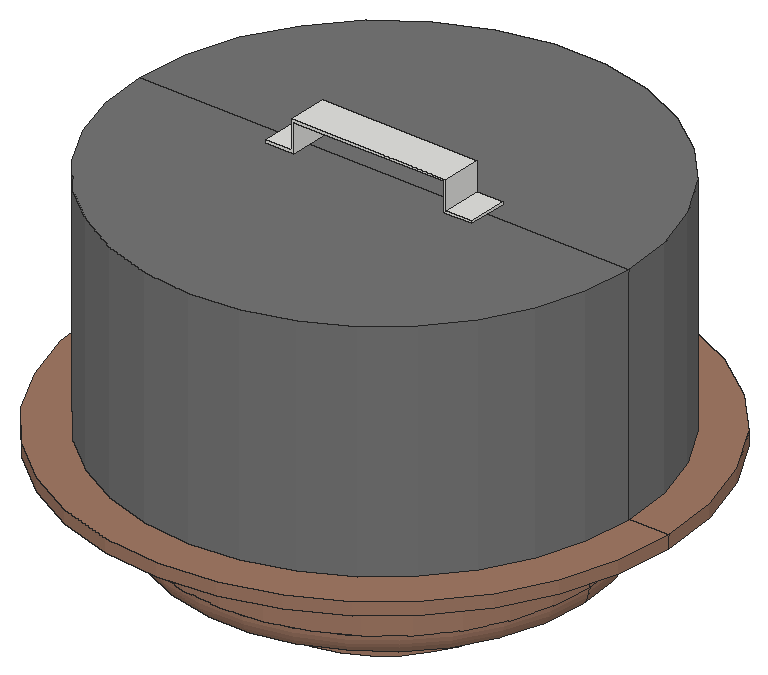
Revit family "Drain-Green_Roof-Jay R. Smith-Round_Type-1937_Series", category Plumbing Fixtures, Revit 2021
Family settings
  Round Connector Dimension = Use Radius
  Part Type = Normal
  OmniClass Number = 23.70.50.21.24.11
  OmniClass Title = Roof Waste Water Drains
  Work Plane-Based = Yes
  Always vertical = Yes
  Cut with Voids When Loaded = No
  Shared = No
  Room Calculation Point = No
Parameters (values of type "1937T06")
  Waste Connection = yes
  Vent Connection = no
  URL = "http://www.jrsmith.com"
  U - Vandal Proof = no
  SSM - Standpipe Covered with Stainless Steel Mesh = no
  SP2, -SP3 or -SP4 - Internal Waterdam Standpipe = no
  RDP - Roof Deck Plate = no
  RBD - Rough Bronze Dome = no
  Product Page URL = "https://www.jrsmith.com/green-roof-planter-drain-1937"
  Product Documentation Link = "https://www.jrsmith.com/uploads/fileLibrary/d1937.pdf"
  Perforated Gravel Stop Height = 6"
  E Diameter = 11"
  D - Overall Diameter = 15 1/4"
  Outlet Radius = Outlet Diameter / 2  # 3"
  Outlet Diameter = 6"
  Model = "1937T06"
  Material = "Cast Iron-Jay R Smith-Duco Coated"  # constant formula
  Manufacturer = "Jay R. Smith"  # constant formula
  LXH - Speedi-Set Extra Heavy - 02"(50), 03"(75) & 04"(100) sizes only = no
  L - Speedi-Set Service Weight - 02"(50), 03"(75) & 04"(100) sizes only = no
  Installation Type = "Roof Mounted"  # constant formula
  HW Connection = no
  G - Galvanized Cast Iron Body & Collar = no
  E - Extension (specify height) = no
  Dome Material = PVC-Jay R Smith-White
  Dome Cover Material = Metal-Jay R Smith-Stainless Steel
  Description = "Green Roof Planter Drain"  # constant formula
  CIDG - Galvanized Cast Iron Dome = no
  CID - Cast Iron Dome = no
  Bottom Depth B = 3 3/4"
  Default Elevation = 0"
  Creation Date = "03/20/2024"  # constant formula
  Connection Description = "6\" Threaded Outlet Connection"
  CW Connection = no
  Body Material = Cast Iron-Jay R Smith-Duco Coated
  Assembly Code = "D2040200"
  AE - Adjustable Extension = no
  AD - Aluminum Dome = no
  316SS - All Type 316 Stainless Steel = no
  304SS - All Type 304 Stainless Steel = no
Types (21): name | E Diameter | D - Overall Diameter | Outlet Radius | Outlet Diameter | Model | Bottom Depth B | Connection Description
  1937Y02 | 11" | 15 1/4" | 1" | 2" | "1937Y02" | 5" | "2\" No-HUB Outlet Connection"
  1937Y03 | 11" | 15 1/4" | 1 1/2" | 3" | "1937Y03" | 5" | "3\" No-HUB Outlet Connection"
  1937Y04 | 11" | 15 1/4" | 2" | 4" | "1937Y04" | 5" | "4\" No-HUB Outlet Connection"
  1937Y05 | 11" | 15 1/4" | 2 1/2" | 5" | "1937Y05" | 5" | "5\" No-HUB Outlet Connection"
  1937Y06 | 11" | 15 1/4" | 3" | 6" | "1937Y06" | 5" | "6\" No-HUB Outlet Connection"
  1937Y08 | 16" | 20" | 4" | 8" | "1937Y08" | 7 3/4" | "8\" No-HUB Outlet Connection"
  1937Y10 | 16" | 20" | 5" | 10" | "1937Y10" | 7 3/4" | "10\" No-HUB Outlet Connection"
  1937C02 | 11" | 15 1/4" | 1" | 2" | "1937C02" | 5" | "2\" Caulk Outlet Connection"
  1937C03 | 11" | 15 1/4" | 1 1/2" | 3" | "1937C03" | 5" | "3\" Caulk Outlet Connection"
  1937C04 | 11" | 15 1/4" | 2" | 4" | "1937C04" | 5" | "4\" Caulk Outlet Connection"
  1937C05 | 11" | 15 1/4" | 2 1/2" | 5" | "1937C05" | 5" | "5\" Caulk Outlet Connection"
  1937C06 | 11" | 15 1/4" | 3" | 6" | "1937C06" | 5" | "6\" Caulk Outlet Connection"
  1937C08 | 16" | 20" | 4" | 8" | "1937C08" | 7 3/4" | "8\" Caulk Outlet Connection"
  1937C10 | 16" | 20" | 5" | 10" | "1937C10" | 7 3/4" | "10\" Caulk Outlet Connection"
  1937T02 | 11" | 15 1/4" | 1" | 2" | "1937T02" | 3 3/4" | "2\" Threaded Outlet Connection"
  1937T03 | 11" | 15 1/4" | 1 1/2" | 3" | "1937T03" | 3 3/4" | "3\" Threaded Outlet Connection"
  1937T04 | 11" | 15 1/4" | 2" | 4" | "1937T04" | 3 3/4" | "4\" Threaded Outlet Connection"
  1937T05 | 11" | 15 1/4" | 2 1/2" | 5" | "1937T05" | 3 3/4" | "5\" Threaded Outlet Connection"
  1937T06 | 11" | 15 1/4" | 3" | 6" | "1937T06" | 3 3/4" | "6\" Threaded Outlet Connection"
  1937T08 | 16" | 20" | 4" | 8" | "1937T08" | 7 3/4" | "8\" Threaded Outlet Connection"
  1937T10 | 16" | 20" | 5" | 10" | "1937T10" | 7 3/4" | "10\" Threaded Outlet Connection"
Reference planes (in)
  plane 1 "Center (Front/Back)": y = 0
  plane 2: z = 0
  plane 3 "Center (Left/Right)": x = -0.54782
  plane 4: z = 0
  plane 5: x = 4.95218
  plane 6: z = 6
  plane 7: x = -8.17282
  plane 8: x = 7.07718
  plane 9: x = -7.11032
  plane 10: x = 6.01468
  plane 11: x = -6.04782
  plane 12: x = 4.95218
  plane 13: z = -3.75
Forms (in)
  Revolve 1, solid, material "Stainless Steel-Jay R Smith-Perforated"
    sketch origin (-0.54782, 0, 0) x (1, 0, 0) y (0, 0, 1)
      loop
        line (-6.5625, 6) -> (-6.5625, 0) -> (-6.43087, 0) -> (-6.43087, 5.868) -> (0, 5.868) -> (0, 6) -> (-6.5625, 6)
      axis (0, 6) -> (0, 0)
    angle from 0 to 360
  Revolve 2, solid, material "Cast Iron-Jay R Smith-Duco Coated"
    sketch origin (0, 0, 6) x (1, 0, 0) y (0, 0, 1)
      loop
        line (-3.54782, -9.75) -> (-3.54782, -6) -> (-3.79782, -6) -> (-3.79782, -9.75) -> (-3.54782, -9.75)
      axis (-0.54782, -6) -> (-0.54782, -9.75)
    angle from 0 to 360
  Revolve 3, solid, material "Cast Iron-Jay R Smith-Duco Coated"
    sketch origin (0, 0, 6) x (1, 0, 0) y (0, 0, 1)
      loop
        line (-0.54782, -6) -> (-8.17282, -6) -> (-8.17282, -6.33608) -> (-6.21642, -7.00972)
        arc (-6.21642, -7.00972) -> (-6.09429, -7.10093) -> (-6.04782, -7.2461) r 0.25
        line (-6.04782, -7.2461) -> (-6.04782, -8.01891)
        arc (-6.04782, -8.01891) -> (-5.86308, -8.46491) -> (-5.41708, -8.64965) r 0.63074
        line (-5.41708, -8.64965) -> (-5.22886, -8.64965)
        arc (-5.22886, -8.64965) -> (-5.13749, -8.87022) -> (-4.91693, -8.96158) r 0.31193
        line (-4.91693, -8.96158) -> (-0.54782, -8.96158) -> (-0.54782, -6)
      axis (-0.54782, -6) -> (-0.54782, -8.96158)
    angle from 0 to 360
  Extrusion 4, solid, material "Metal-Jay R Smith-Stainless Steel"
    sketch origin (0, 0, 0) x (1, 0, 0) y (0, 0, 1)
      loop
        line (1.45218, 6.75) -> (1.45218, 6) -> (2.20218, 6) -> (2.20218, 6.0625) -> (1.51468, 6.0625) -> (1.51468, 6.8125) -> (-2.61032, 6.8125) -> (-2.61032, 6.0625) -> (-3.29782, 6.0625) -> (-3.29782, 6) -> (-2.54782, 6) -> (-2.54782, 6.75) -> (1.45218, 6.75)
    from 0.52079 to -0.51582
Dimensions and locks (in)
  locked: Revolve 2 sketch curve to Revolve 2 sketch curve at 0.25
  Revolve 3 sketch curve to Revolve 3 sketch curve to Revolve 3 sketch curve to Revolve 3 sketch curve to Revolve 3 sketch curve to Revolve 3 sketch curve = 0.67364" locked, 0.23638" locked, 0.77281" locked, 0.63074" locked, 0.31193" locked
  "D - Overall Diameter": plane 7 to plane 8
  plane 9 to plane 10 = 13 1/8"
  "E Diameter": plane 12 to plane 11
  "Perforated Gravel Stop Height": plane 6 to level
  "Bottom Depth B": level to plane 13
  "Outlet Radius": plane 3 "Center (Left/Right)" to Revolve 2 sketch curve
  locked: Revolve 1 sketch curve to Revolve 1 sketch curve at 0.132
  locked: Revolve 1 sketch curve to Revolve 1 sketch curve at 0.13163
  equal spacing: plane 7, plane 3 "Center (Left/Right)", plane 8
  equal spacing: plane 12, plane 3 "Center (Left/Right)", plane 11
  aligned and locked: Revolve 2 sketch curve to plane 3 "Center (Left/Right)"
  aligned and locked: plane 6 to Revolve 1 sketch curve
  aligned and locked: Revolve 1 sketch curve to plane 3 "Center (Left/Right)"
  aligned and locked: plane 3 "Center (Left/Right)" to Revolve 1 sketch curve
  aligned and locked: plane 9 to Revolve 1 sketch curve
Automatic sketch dimensions
  Revolve 1 sketch curve to level = 0"
  Revolve 1 sketch curve to Revolve 1 sketch curve = 3/4"
  Revolve 1 sketch curve to Revolve 1 sketch curve = 1/2"
  plane 7 to Revolve 3 sketch curve = 0"
  Revolve 3 sketch curve to plane 11 = 0"
  Revolve 3 sketch curve to level = 0"
  Revolve 3 sketch curve to plane 3 "Center (Left/Right)" = 0"  (x2)
  Revolve 3 sketch curve to Revolve 3 sketch curve = 1/4"
  Revolve 3 sketch curve to Revolve 3 sketch curve = 0.18822"
  Revolve 3 sketch curve to level = 0.33608"
  Revolve 3 sketch curve to Revolve 3 sketch curve = 0.28842"
  level to Revolve 3 sketch curve = 2 3/4"
  Revolve 2 sketch curve to plane 13 = 0"
  Revolve 2 sketch curve to level = 0"
  plane 13 to Revolve 2 sketch curve = 1 3/4"
  Revolve 2 sketch curve to plane 6 = 3/4"
  Extrusion 4 sketch curve to plane 6 = 0"  (x2)
  plane 6 to Extrusion 4 sketch curve = 1/16"  (x2)
  Extrusion 4 sketch curve to plane 3 "Center (Left/Right)" = 2 3/4"
  Extrusion 4 sketch curve to Extrusion 4 sketch curve = 11/16"  (x2)
  Extrusion 4 sketch curve to Extrusion 4 sketch curve = 1/16"  (x3)
  plane 6 to Extrusion 4 sketch curve = 3/4"
  plane 3 "Center (Left/Right)" to Extrusion 4 sketch curve = 2"
Nested families (in)
  nested 1: "DOME-1" at (-0.54782, 0, 0) x (0, 1, 0) z (0, 0, 1), type "Dome"
Connectors (in)
  piping at (-0.54782, 0, -3.75), diameter 6, driven by "Outlet Radius", driven by "Connection Description"
    settings: on Revolve 2, index 1, connector inside diameter 24", connector length 0", flow factor 0, pipe flow 0 GPM, pressure drop 0.00 psi, fitting loss kfactor 0, connector angle 0.00°, fixture units 0, engagement length 0", angle of deflection 0.00°, flow configuration 0, flow direction 2, fitting loss method 0, system type 16, joint type 0, gender type 0, connector reference index -1, connector utility 0, adjustable connector no, is connector primary yes, connector description "6\" Threaded Outlet Connection"
Definition of nested family "DOME-1"
  Parameters (values of type "Dome")
    Waste Connection = yes
    WFU = 0
    Vent Connection = no
    URL = ""
    Model = "Dome"
    Manufacturer = ""
    HW Connection = no
    Finish = none
    Description = ""
    Default Elevation = 0"
    Connection Radius = 2"
    CW Connection = no
  Reference planes (in)
    plane 1 "Center (Front/Back)": y = 0
    plane 2: z = 0
    plane 3 "Center (Left/Right)": x = 0
    plane 4: through (1.15564, -4.31289, 48) normal (0.9659, 0.2588, 0)
    plane 5: through (-1.15564, -4.31289, 48) normal (0.9659, -0.2588, 0)
    plane 6: through (-1.15564, -4.31289, 48) normal (0.9659, -0.2588, 0)
    plane 7: through (1.15564, 4.31289, 48) normal (-0.9659, 0.2588, 0)
    plane 8: through (-1.15564, 4.31289, 48) normal (-0.9659, -0.2588, 0)
    plane 9: through (2.23252, -3.86683, 48) normal (0.866, 0.5, 0)
    plane 10: through (2.23252, 3.86683, 48) normal (-0.866, 0.5, 0)
    plane 11: through (-3.15726, 3.15726, 48) normal (-0.7071, -0.7071, 0)
    plane 12: through (3.15726, 3.15726, 48) normal (-0.7071, 0.7071, 0)
    plane 13: through (-4.31289, 1.15564, 48) normal (-0.2588, -0.9659, 0)
    plane 14: through (3.86683, -2.23252, 48) normal (0.5, 0.866, 0)
    plane 15: through (4.31289, 1.15564, 48) normal (-0.2588, 0.9659, 0)
    plane 16: through (-3.86683, -2.23252, 48) normal (0.5, -0.866, 0)
    plane 17: through (0, 0, 48) normal (0.9914, 0.1305, 0)
    plane 18: z = 4.5
    plane 19: z = 5.66494
  Forms (in)
    Extrusion 1, solid
      sketch origin (0, 0, 0) x (1, 0, 0) y (0, 1, 0)
        loop
          line (-48, 48) -> (-48, -48) -> (48, -48) -> (48, 48) -> (-48, 48)
      from 0 to -12
    Extrusion 2, void
      sketch origin (0, 0, 5.875) x (1, 0, 0) y (0, 1, 0)
        loop
          arc (0.44843, -2.71319) -> (1.94454, -1.94454) -> (2.71319, -0.44843) r 2.75
          arc (2.71319, -0.44843) -> (2.60981, -0.30738) -> (2.46654, -0.40766) r 0.12503
          arc (2.46654, -0.40766) -> (1.76777, -1.76777) -> (0.40766, -2.46654) r 2.5
          arc (0.40766, -2.46654) -> (0.30738, -2.60981) -> (0.44843, -2.71319) r 0.12503
        loop
          arc (0.329, -1.97275) -> (1.41421, -1.41421) -> (1.97275, -0.329) r 2
          arc (1.97275, -0.329) -> (1.87186, -0.18543) -> (1.72678, -0.28413) r 0.12503
          arc (1.72678, -0.28413) -> (1.23744, -1.23744) -> (0.28413, -1.72678) r 1.75
          arc (0.28413, -1.72678) -> (0.18543, -1.87186) -> (0.329, -1.97275) r 0.12503
        loop
          arc (0.20562, -1.23297) -> (0.88388, -0.88388) -> (1.23297, -0.20562) r 1.25
          arc (1.23297, -0.20562) -> (1.12842, -0.06144) -> (0.98577, -0.16809) r 0.12503
          arc (0.98577, -0.16809) -> (0.70453, -0.70968) -> (0.16091, -0.98697) r 1
          arc (0.16091, -0.98697) -> (0.06204, -1.132) -> (0.20562, -1.23297) r 0.12503
        loop
          arc (0.57072, -3.45315) -> (2.47487, -2.47487) -> (3.45315, -0.57072) r 3.5
          arc (3.45315, -0.57072) -> (3.34977, -0.42968) -> (3.2065, -0.52996) r 0.12503
          arc (3.2065, -0.52996) -> (2.2981, -2.2981) -> (0.52996, -3.2065) r 3.25
          arc (0.52996, -3.2065) -> (0.42968, -3.34977) -> (0.57072, -3.45315) r 0.12503
        loop
          arc (0.44843, 2.71319) -> (0.30738, 2.60981) -> (0.40766, 2.46654) r 0.12503
          arc (0.40766, 2.46654) -> (1.76777, 1.76777) -> (2.46654, 0.40766) r 2.5
          arc (2.46654, 0.40766) -> (2.60981, 0.30738) -> (2.71319, 0.44843) r 0.12503
          arc (2.71319, 0.44843) -> (1.94454, 1.94454) -> (0.44843, 2.71319) r 2.75
        loop
          arc (0.329, 1.97275) -> (0.18543, 1.87186) -> (0.28413, 1.72678) r 0.12503
          arc (0.28413, 1.72678) -> (1.23744, 1.23744) -> (1.72678, 0.28413) r 1.75
          arc (1.72678, 0.28413) -> (1.87186, 0.18543) -> (1.97275, 0.329) r 0.12503
          arc (1.97275, 0.329) -> (1.41421, 1.41421) -> (0.329, 1.97275) r 2
        loop
          arc (0.20562, 1.23297) -> (0.06204, 1.132) -> (0.16091, 0.98697) r 0.12503
          arc (0.16091, 0.98697) -> (0.70453, 0.70968) -> (0.98577, 0.16809) r 1
          arc (0.98577, 0.16809) -> (1.12842, 0.06144) -> (1.23297, 0.20562) r 0.12503
          arc (1.23297, 0.20562) -> (0.88388, 0.88388) -> (0.20562, 1.23297) r 1.25
        loop
          arc (0.57072, 3.45315) -> (0.42968, 3.34977) -> (0.52996, 3.2065) r 0.12503
          arc (0.52996, 3.2065) -> (2.2981, 2.2981) -> (3.2065, 0.52996) r 3.25
          arc (3.2065, 0.52996) -> (3.34977, 0.42968) -> (3.45315, 0.57072) r 0.12503
          arc (3.45315, 0.57072) -> (2.47487, 2.47487) -> (0.57072, 3.45315) r 3.5
        loop
          arc (-0.44843, -2.71319) -> (-0.30738, -2.60981) -> (-0.40766, -2.46654) r 0.12503
          arc (-0.40766, -2.46654) -> (-1.76777, -1.76777) -> (-2.46654, -0.40766) r 2.5
          arc (-2.46654, -0.40766) -> (-2.60981, -0.30738) -> (-2.71319, -0.44843) r 0.12503
          arc (-2.71319, -0.44843) -> (-1.94454, -1.94454) -> (-0.44843, -2.71319) r 2.75
        loop
          arc (-0.329, -1.97275) -> (-0.18543, -1.87186) -> (-0.28413, -1.72678) r 0.12503
          arc (-0.28413, -1.72678) -> (-1.23744, -1.23744) -> (-1.72678, -0.28413) r 1.75
          arc (-1.72678, -0.28413) -> (-1.87186, -0.18543) -> (-1.97275, -0.329) r 0.12503
          arc (-1.97275, -0.329) -> (-1.41421, -1.41421) -> (-0.329, -1.97275) r 2
        loop
          arc (-0.20562, -1.23297) -> (-0.06204, -1.132) -> (-0.16091, -0.98697) r 0.12503
          arc (-0.16091, -0.98697) -> (-0.70453, -0.70968) -> (-0.98577, -0.16809) r 1
          arc (-0.98577, -0.16809) -> (-1.12842, -0.06144) -> (-1.23297, -0.20562) r 0.12503
          arc (-1.23297, -0.20562) -> (-0.88388, -0.88388) -> (-0.20562, -1.23297) r 1.25
        loop
          arc (-0.57072, -3.45315) -> (-0.42968, -3.34977) -> (-0.52996, -3.2065) r 0.12503
          arc (-0.52996, -3.2065) -> (-2.2981, -2.2981) -> (-3.2065, -0.52996) r 3.25
          arc (-3.2065, -0.52996) -> (-3.34977, -0.42968) -> (-3.45315, -0.57072) r 0.12503
          arc (-3.45315, -0.57072) -> (-2.47487, -2.47487) -> (-0.57072, -3.45315) r 3.5
        loop
          arc (-0.44843, 2.71319) -> (-1.94454, 1.94454) -> (-2.71319, 0.44843) r 2.75
          arc (-2.71319, 0.44843) -> (-2.60981, 0.30738) -> (-2.46654, 0.40766) r 0.12503
          arc (-2.46654, 0.40766) -> (-1.76777, 1.76777) -> (-0.40766, 2.46654) r 2.5
          arc (-0.40766, 2.46654) -> (-0.30738, 2.60981) -> (-0.44843, 2.71319) r 0.12503
        loop
          arc (-0.329, 1.97275) -> (-1.41421, 1.41421) -> (-1.97275, 0.329) r 2
          arc (-1.97275, 0.329) -> (-1.87186, 0.18543) -> (-1.72678, 0.28413) r 0.12503
          arc (-1.72678, 0.28413) -> (-1.23744, 1.23744) -> (-0.28413, 1.72678) r 1.75
          arc (-0.28413, 1.72678) -> (-0.18543, 1.87186) -> (-0.329, 1.97275) r 0.12503
        loop
          arc (-0.20562, 1.23297) -> (-0.88388, 0.88388) -> (-1.23297, 0.20562) r 1.25
          arc (-1.23297, 0.20562) -> (-1.12842, 0.06144) -> (-0.98577, 0.16809) r 0.12503
          arc (-0.98577, 0.16809) -> (-0.70453, 0.70968) -> (-0.16091, 0.98697) r 1
          arc (-0.16091, 0.98697) -> (-0.06204, 1.132) -> (-0.20562, 1.23297) r 0.12503
        loop
          arc (-0.57072, 3.45315) -> (-2.47487, 2.47487) -> (-3.45315, 0.57072) r 3.5
          arc (-3.45315, 0.57072) -> (-3.34977, 0.42968) -> (-3.2065, 0.52996) r 0.12503
          arc (-3.2065, 0.52996) -> (-2.2981, 2.2981) -> (-0.52996, 3.2065) r 3.25
          arc (-0.52996, 3.2065) -> (-0.42968, 3.34977) -> (-0.57072, 3.45315) r 0.12503
      from -1.66198 to -0.25663
    Extrusion 3, void
      sketch origin (-0.43301, 0.25, -0.45132) x (0.5, 0.866025, 0) y (0, 0, 1)
        loop
          line (-0.1875, 0.59953) -> (0.1875, 0.59953) -> (0.1875, 4.66434) -> (-0.1875, 4.66434) -> (-0.1875, 0.59953)
      from -5.07939 to 6.07939
    Extrusion 4, void
      sketch origin (-0.12941, 0.48296, -0.45132) x (0.965926, 0.258819, 0) y (0, 0, 1)
        loop
          line (-0.1875, 0.59953) -> (0.1875, 0.59953) -> (0.1875, 4.66434) -> (-0.1875, 4.66434) -> (-0.1875, 0.59953)
      from -5.07939 to 6.07939
    Extrusion 5, void
      sketch origin (0.12941, 0.48296, -0.45132) x (-0.965926, 0.258819, 0) y (0, 0, -1)
        loop
          line (-0.1875, -0.59953) -> (-0.1875, -4.66434) -> (0.1875, -4.66434) -> (0.1875, -0.59953) -> (-0.1875, -0.59953)
      from -5.07939 to 6.07939
    Extrusion 6, void
      sketch origin (0.48296, 0.12941, -0.45132) x (-0.258819, 0.965926, 0) y (0, 0, -1)
        loop
          line (-0.1875, -0.59953) -> (-0.1875, -4.66434) -> (0.1875, -4.66434) -> (0.1875, -0.59953) -> (-0.1875, -0.59953)
      from -5.07939 to 6.07939
    Extrusion 7, void
      sketch origin (0.35355, 0.35355, -0.45132) x (0.707107, -0.707107, 0) y (0, 0, 1)
        loop
          line (-0.1875, 0.59953) -> (0.1875, 0.59953) -> (0.1875, 4.66434) -> (-0.1875, 4.66434) -> (-0.1875, 0.59953)
      from -5.07939 to 6.07939
    Extrusion 8, void
      sketch origin (0.5, 0, -0.45132) x (0, -1, 0) y (0, 0, 1)
        loop
          line (-0.1875, 0.59953) -> (0.1875, 0.59953) -> (0.1875, 4.66434) -> (-0.1875, 4.66434) -> (-0.1875, 0.59953)
      from -5.07939 to 6.07939
    Extrusion 9, void
      sketch origin (0.25, 0.43301, -0.45132) x (0.866025, -0.5, 0) y (0, 0, 1)
        loop
          line (-0.1875, 0.59953) -> (0.1875, 0.59953) -> (0.1875, 4.66434) -> (-0.1875, 4.66434) -> (-0.1875, 0.59953)
      from -5.07939 to 6.07939
    Extrusion 10, void
      sketch origin (0.48296, -0.12941, -0.45132) x (-0.258819, -0.965926, 0) y (0, 0, 1)
        loop
          line (-0.1875, 0.59953) -> (0.1875, 0.59953) -> (0.1875, 4.66434) -> (-0.1875, 4.66434) -> (-0.1875, 0.59953)
      from -5.07939 to 6.07939
    Extrusion 11, void
      sketch origin (-0.25, 0.43301, -0.45132) x (-0.866025, -0.5, 0) y (0, 0, -1)
        loop
          line (-0.1875, -0.59953) -> (-0.1875, -4.66434) -> (0.1875, -4.66434) -> (0.1875, -0.59953) -> (-0.1875, -0.59953)
      from -5.07939 to 6.07939
    Extrusion 12, void
      sketch origin (0.35355, -0.35355, -0.45132) x (0.707107, 0.707107, 0) y (0, 0, -1)
        loop
          line (-0.1875, -0.59953) -> (-0.1875, -4.66434) -> (0.1875, -4.66434) -> (0.1875, -0.59953) -> (-0.1875, -0.59953)
      from -5.07939 to 6.07939
    Extrusion 13, void
      sketch origin (0, 0.5, -0.45132) x (1, 0, 0) y (0, 0, 1)
        loop
          line (-0.1875, 0.59953) -> (0.1875, 0.59953) -> (0.1875, 4.66434) -> (-0.1875, 4.66434) -> (-0.1875, 0.59953)
      from -5.07939 to 6.07939
    Extrusion 14, void
      sketch origin (0.43301, 0.25, -0.45132) x (-0.5, 0.866025, 0) y (0, 0, -1)
        loop
          line (-0.1875, -0.59953) -> (-0.1875, -4.66434) -> (0.1875, -4.66434) -> (0.1875, -0.59953) -> (-0.1875, -0.59953)
      from -5.07939 to 6.07939
    Revolve 15, solid
      sketch origin (0, 0, 6.20508) x (1, 0, 0) y (0, 0, 1)
        loop
          line (4.96005, -6.20508) -> (5.02544, -6.20508) -> (4.11306, -2.25316)
          arc (4.11306, -2.25316) -> (3.86336, -1.8574) -> (3.42157, -1.70312) r 0.70968
          line (3.42157, -1.70312) -> (0, -1.70312) -> (0, -1.80663) -> (3.29898, -1.80663)
          arc (3.29898, -1.80663) -> (3.80423, -1.98308) -> (4.08981, -2.43569) r 0.81164
          line (4.08981, -2.43569) -> (4.96005, -6.20508)
        axis (0, -1.70312) -> (0, -6.20508)
      angle from 0 to 360
  Cuts and joins
    Extrusion 2, Extrusion 3, Extrusion 4, Extrusion 5, Extrusion 6, Extrusion 7, Extrusion 8, Extrusion 9, Extrusion 10, Extrusion 11, Extrusion 12, Extrusion 13, Extrusion 14 cuts Revolve 15
  Dimensions and locks (in)
    plane 18 to Extrusion 1 = 4 1/2"
    radius of Revolve 15 sketch curve = 0.81164"
    radius of Revolve 15 sketch curve = 0.70968"
    aligned and locked: plane 2 to Extrusion 1
    aligned and locked: level to Extrusion 1
    aligned and locked: Extrusion 13 to Extrusion 4
    aligned and locked: Extrusion 13 to Extrusion 11
    aligned and locked: Extrusion 12 to Extrusion 13
    aligned and locked: Extrusion 5 to Extrusion 13
    aligned and locked: Extrusion 13 to Extrusion 3
    aligned and locked: Extrusion 10 to Extrusion 13
    aligned and locked: Extrusion 8 to Extrusion 13
    aligned and locked: Extrusion 9 to Extrusion 13
    aligned and locked: Extrusion 7 to Extrusion 13
    aligned and locked: Extrusion 6 to Extrusion 13
    aligned and locked: Extrusion 14 to Extrusion 13
    aligned and locked: Extrusion 4 to Extrusion 13
    aligned and locked: Extrusion 11 to Extrusion 4
    aligned and locked: Extrusion 12 to Extrusion 4
    aligned and locked: Extrusion 3 to Extrusion 4
    aligned and locked: Extrusion 3 to Extrusion 5
